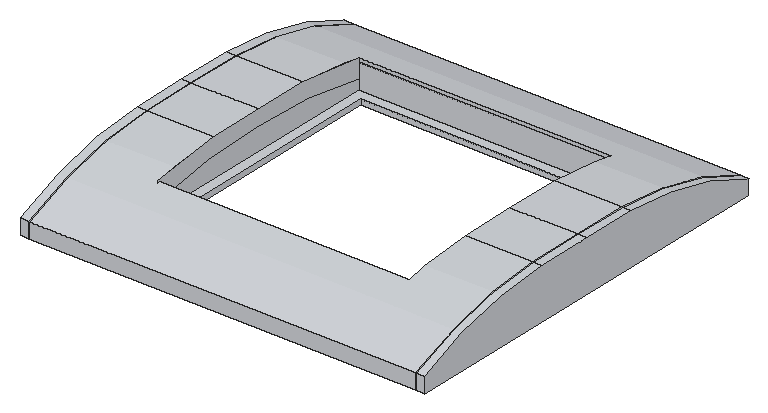
Revit family "Gira_0211761", category Electrical Fixtures, host Face, Revit 2017
Family settings
  Host = Face
  Maintain Annotation Orientation = No
  Round Connector Dimension = Use Diameter
  Part Type = Normal
  Cut with Voids When Loaded = No
  Shared = No
  Room Calculation Point = No
Parameters (values of type "Cov.fr. 1-g interm.fr. CW Gira Event Clear brown")
  With mounting grid = "No"
  With hinged lid = "No"
  URL = "http://katalog.gira.de/en/datenblatt.html?artikelnr=0211761"
  Type of fastening = "Clamp mounting"
  Transparent = "No"
  Surface protection = "Other"
  Surface finishing = "Glossy"
  Suitable for wall duct = "No"
  Suitable for flush-mounted installation = "Yes"
  Suitable for floor box = "No"
  Suitable for built-in installation = "No"
  Number of units vertical = "1"
  Number of units horizontal = "1"
  Number of units = "1"
  Name = "Cov.fr. 1-g interm.fr. CW Gira Event Clear brown"
  Mounting direction = "Horizontal and vertical"
  Material quality = "Thermoplastic"
  Material = "Plastic"
  Manufacturer URL = "https://www.gira.de/"
  Manufacturer = "Gira"
  Label space/information surface = "No"
  Keynote = ""
  HeinzeBIM = "https://bimportal.heinze.de/bim/cov-fr-1-g-interm-fr-cw-gira-event-clear-brown/fe708bc451ba1eaf7e4ddd17984edff1f106726d"
  Halogen free = "Yes"
  HAN = "0211761"
  GTIN = "4010337069270"
  Description = "Cov.fr.1g i.fr.CW EvCl BN,Gira Event Clear cover frame,brown with cream white glossy intermediate frame,1-gang,Features:,- Shatter-proof."
  Degree of protection (IP) = "IP20"
  Default Elevation = 1219.2 mm
  Data sheet (1) = "https://katalog.gira.de/en/download.html?artikelnr=0211761"
  Colour = "Brown"
  Category = "Cover frame for domestic switching devices"
  BIM (1) = "https://media.stage.bim.site/public/gira/36a6b08/Event_Rahmen_1fach.rfa"
  Available = "No"
Reference planes
  plane 1 "Center (Front/Back)": y = 0
  plane 2: z = 0
  plane 3 "Center (Left/Right)": x = 0
Forms (mm)
  Extrusion 1, solid, detail levels fine
    sketch origin (0, 0, 1.55) x (0, 1, 0) y (0, 0, 1)
      loop
        arc (12.445, 9.683) -> (6.223, 9.833) -> (0, 9.85) r 291.636
        arc (0, 9.85) -> (-6.223, 9.833) -> (-12.445, 9.683) r 291.636
        arc (-12.445, 9.683) -> (-29.14, 7.482) -> (-45, 1.823) r 79.728
        line (-45, 1.823) -> (-45, -1.55) -> (-41.777, -1.55) -> (-41.777, -0.55)
        arc (-41.777, -0.55) -> (-21.205, 4.846) -> (0, 6.467) r 118.15
        arc (0, 6.467) -> (21.205, 4.846) -> (41.777, -0.55) r 118.15
        line (41.777, -0.55) -> (41.777, -1.55) -> (45, -1.55) -> (45, 1.823)
        arc (45, 1.823) -> (29.14, 7.482) -> (12.445, 9.683) r 79.728
    from -43 to 43
  Extrusion 2, void, detail levels fine
    sketch origin (0, 0, 0) x (1, 0, 0) y (0, 1, 0)
      loop
        line (-28, -28) -> (28, -28) -> (28, 28) -> (-28, 28) -> (-28, -28)
    from 2.85 to 12
  Extrusion 3, solid, detail levels coarse
    sketch origin (0, 0, 0) x (1, 0, 0) y (0, 1, 0)
      loop
        line (-45, 45) -> (-45, -45) -> (45, -45) -> (45, 45) -> (-45, 45)
    from 0 to 11.4
  Extrusion 4, solid, detail levels medium
    sketch origin (0, 0, 1.55) x (0, 1, 0) y (0, 0, 1)
      loop
        arc (12.445, 9.683) -> (6.223, 9.833) -> (0, 9.85) r 291.636
        arc (0, 9.85) -> (-6.223, 9.833) -> (-12.445, 9.683) r 291.636
        arc (-12.445, 9.683) -> (-29.14, 7.482) -> (-45, 1.823) r 79.728
        line (-45, 1.823) -> (-45, -1.55) -> (45, -1.55) -> (45, 1.823)
        arc (45, 1.823) -> (29.14, 7.482) -> (12.445, 9.683) r 79.728
    from -45 to 45
  Extrusion 5, solid, detail levels fine
    sketch origin (0, 0, 0) x (0, 1, 0) y (0, 0, 1)
      loop
        arc (45, 3.373) -> (29.14, 9.032) -> (12.445, 11.233) r 79.728
        arc (12.445, 11.233) -> (6.223, 11.383) -> (0, 11.4) r 291.636
        arc (0, 11.4) -> (-6.223, 11.383) -> (-12.445, 11.233) r 291.636
        arc (-12.445, 11.233) -> (-29.14, 9.032) -> (-45, 3.373) r 79.728
        line (-45, 3.373) -> (-45, 0) -> (45, 0) -> (45, 3.373)
    from 43 to 45
  Extrusion 6, solid, detail levels fine
    sketch origin (0, 0, 0) x (0, 1, 0) y (0, 0, -1)
      loop
        line (45, -3.373) -> (45, 0) -> (-45, 0) -> (-45, -3.373)
        arc (-45, -3.373) -> (-29.14, -9.032) -> (-12.445, -11.233) r 79.728
        arc (-12.445, -11.233) -> (-6.223, -11.383) -> (0, -11.4) r 291.636
        arc (0, -11.4) -> (6.223, -11.383) -> (12.445, -11.233) r 291.636
        arc (12.445, -11.233) -> (29.14, -9.032) -> (45, -3.373) r 79.728
    from 43 to 45
  Extrusion 7, solid, detail levels fine
    sketch origin (0, 0, 0) x (1, 0, 0) y (0, 1, 0)
      loop
        line (-25.7, 25.7) -> (-25.7, -25.7) -> (25.7, -25.7) -> (25.7, 25.7) -> (-25.7, 25.7)
      loop
        line (-29.495, 27.895) -> (-29.495, -27.895)
        spline (-29.495, -27.895) -> (-29.486, -28.025) -> (-29.461, -28.154) -> (-29.419, -28.278) -> (-29.361, -28.395) -> (-29.288, -28.504) -> (-29.202, -28.602) -> (-29.104, -28.688) -> (-28.995, -28.761) -> (-28.878, -28.819) -> (-28.754, -28.861) -> (-28.625, -28.886) -> (-28.495, -28.895)
        line (-28.495, -28.895) -> (28.495, -28.895)
        spline (28.495, -28.895) -> (28.625, -28.886) -> (28.754, -28.861) -> (28.878, -28.819) -> (28.995, -28.761) -> (29.104, -28.688) -> (29.202, -28.602) -> (29.288, -28.504) -> (29.361, -28.395) -> (29.419, -28.278) -> (29.461, -28.154) -> (29.486, -28.025) -> (29.495, -27.895)
        line (29.495, -27.895) -> (29.495, 27.895)
        spline (29.495, 27.895) -> (29.486, 28.025) -> (29.461, 28.154) -> (29.419, 28.278) -> (29.361, 28.395) -> (29.288, 28.504) -> (29.202, 28.602) -> (29.104, 28.688) -> (28.995, 28.761) -> (28.878, 28.819) -> (28.754, 28.861) -> (28.625, 28.886) -> (28.495, 28.895)
        line (28.495, 28.895) -> (-28.495, 28.895)
        spline (-28.495, 28.895) -> (-28.625, 28.886) -> (-28.754, 28.861) -> (-28.878, 28.819) -> (-28.995, 28.761) -> (-29.104, 28.688) -> (-29.202, 28.602) -> (-29.288, 28.504) -> (-29.361, 28.395) -> (-29.419, 28.278) -> (-29.461, 28.154) -> (-29.486, 28.025) -> (-29.495, 27.895)
    from 1.673 to 8.5
Cuts and joins
  Extrusion 2 cuts Extrusion 1
  Extrusion 2 cuts Extrusion 7
Dimensions and locks
  aligned and locked: plane 2 to host face
  aligned and locked: level to host face
